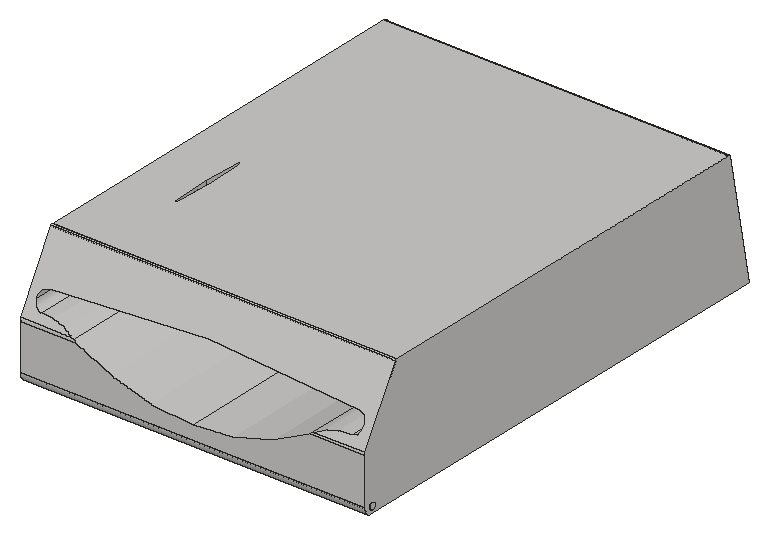
Revit family "Towel_Dispenser-Bradley_Corp-250-15", category Specialty Equipment, host Face, Revit 2012
Parameters
  Width = 11"
  Warranty Information = "Complete unit, excepting mirrors warranted for one year.\r\n Stainless steel mirror frames for fifteen years.\r\n Plate glass mirrors for fifteen years.\r\n This warranty does not cover installation or any other labor charges and does not apply to any units,\r\n which have been damaged by accident, abuse, improper installation, improper maintenance, or altered in any way."
  Version = "2.0"
  URL = "http://www.bradleycorp.com/"
  Type Comments = ""
  Specifications URL = "http://www.bradleycorp.com/3partspec"
  Product Tech Data URL - Spanish = "http://bradleycorp.com/download/186/8200es.pdf"
  Product Tech Data URL - French = "http://bradleycorp.com/download/187/8200fr.pdf"
  Product Tech Data URL - English = "http://bradleycorp.com/download/185/8200.pdf"
  OmniClass Table 23 Title = "Paper Towel Dispenser, Disposal Units"
  OmniClass Table 23 Number = "23-31 25 19 11"
  OmniClass Table 21 Title = "Toilet, Bath, and Laundry Accessories"
  OmniClass Table 21 Number = "21-03 10 90 40"
  Modeling Code = ""
  Model = "250-150000"
  MasterFormat Title = "Toilet Accessories"
  MasterFormat Number = "10 28 13. 13"
  Manufacturer = "Bradley Corporation"
  Industry Standards = ""
  Height = 15 5/16"
  Fire Rating = "n/a"
  Description = "Towel Dispenser"
  Depth = 4"
  Default Elevation = 48"
  Copyright = "This Model Data is Property of Bradley Corporation"
  Cabinet Material = Bradley Corp Stainless Steel - Satin
  Buy American Act = "Yes"
  Assembly Code = "C1030200"
  ADA Compliant = "Yes"
Reference planes (in)
  plane 1 "Center (Front/Back)": y = 0
  plane 2: z = 0
  plane 3 "Center (Left/Right)": x = 0
  plane 4 "Top": y = 7.65625
  plane 5 "Right": x = 5.5
  plane 6 "Bottom": y = -7.65625
  plane 7 "Left": x = -5.5
  plane 8 "Front": z = 4
  plane 9 "Center (Elevation)": y = -7.15625
Forms (in)
  Extrusion 1, solid, material "Bradley Corp Stainless Steel - Satin" <- "Cabinet Material", detail levels fine
    sketch origin (0, 0, 0) x (0, 1, 0) y (0, 0, 1)
      loop
        line (-7.65625, 1.7777) -> (-7.65625, 0.27979)
        arc (-7.65625, 0.27979) -> (-7.58465, 0.09219) -> (-7.40625, 0) r 0.28157
        line (-7.40625, 0) -> (7.65625, 0) -> (6.91846, 3.95088)
        arc (6.91846, 3.95088) -> (6.89775, 3.98612) -> (6.85931, 4) r 0.06017
        line (6.85931, 4) -> (-6.37054, 4)
        arc (-6.37054, 4) -> (-6.40322, 3.99122) -> (-6.42709, 3.96724) r 0.06517
        line (-6.42709, 3.96724) -> (-7.63383, 1.86192)
        arc (-7.63383, 1.86192) -> (-7.65055, 1.82128) -> (-7.65625, 1.7777) r 0.16935
    from -5.5 to 5.5
  Extrusion 2, solid, material "Bradley Corp Stainless Steel - Satin" <- "Cabinet Material", detail levels fine
    sketch origin (0, 0, 0) x (0, 1, 0) y (0, 0, 1)
      loop
        line (7.65625, 0) -> (6.91846, 3.95088)
        arc (6.91846, 3.95088) -> (6.89775, 3.98612) -> (6.85931, 4) r 0.06017
        line (6.85931, 4) -> (-6.37054, 4)
        arc (-6.37054, 4) -> (-6.40322, 3.99122) -> (-6.42709, 3.96724) r 0.06517
        line (-6.42709, 3.96724) -> (-7.63383, 1.86192)
        arc (-7.63383, 1.86192) -> (-7.65055, 1.82128) -> (-7.65625, 1.7777) r 0.16935
        line (-7.65625, 1.7777) -> (-7.65625, 0.27979)
        arc (-7.65625, 0.27979) -> (-7.58465, 0.09219) -> (-7.40625, 0) r 0.28157
        line (-7.40625, 0) -> (7.65625, 0)
    from -5.5 to -5.4375
  Extrusion 3, solid, material "Bradley Corp Stainless Steel - Satin" <- "Cabinet Material", detail levels fine
    sketch origin (0, 0, 0) x (0, 1, 0) y (0, 0, -1)
      loop
        line (7.65625, 0) -> (-7.40625, 0)
        arc (-7.40625, 0) -> (-7.58465, -0.09219) -> (-7.65625, -0.27979) r 0.28157
        line (-7.65625, -0.27979) -> (-7.65625, -1.7777)
        arc (-7.65625, -1.7777) -> (-7.65055, -1.82128) -> (-7.63383, -1.86192) r 0.16935
        line (-7.63383, -1.86192) -> (-6.42709, -3.96724)
        arc (-6.42709, -3.96724) -> (-6.40322, -3.99122) -> (-6.37054, -4) r 0.06517
        line (-6.37054, -4) -> (6.85931, -4)
        arc (6.85931, -4) -> (6.89775, -3.98612) -> (6.91846, -3.95088) r 0.06017
        line (6.91846, -3.95088) -> (7.65625, 0)
    from -5.5 to -5.4375
  Extrusion 4, void
    sketch origin (0, 0, 4) x (0, 1, 0) y (-1, 0, 0)
      loop
        line (-1.05362, 3.80507) -> (-2.30191, 3.87049) -> (-3.5502, 3.80507) -> (-3.5502, 3.7415) -> (-2.30191, 3.67608) -> (-1.05362, 3.7415) -> (-1.05362, 3.80507)
    from 0 to -2.09949
  Extrusion 5, void
    sketch origin (0, 0, 0) x (1, 0, 0) y (0, 0, 1)
      loop
        arc (-4.94168, 2.67169) -> (-5.13819, 2.59029) -> (-5.21958, 2.39379) r 0.2779
        arc (-5.21958, 2.39379) -> (-5.13754, 2.19665) -> (-4.94023, 2.11505) r 0.27935
        arc (-4.94023, 2.11505) -> (-4.35457, 2.05884) -> (-3.81331, 1.82821) r 1.92324
        arc (-3.81331, 1.82821) -> (-1.9829, 1.01561) -> (0, 0.73478) r 7.2501
        arc (0, 0.73478) -> (1.9829, 1.01561) -> (3.81331, 1.82821) r 7.2501
        arc (3.81331, 1.82821) -> (4.35457, 2.05884) -> (4.94023, 2.11505) r 1.92324
        arc (4.94023, 2.11505) -> (5.13754, 2.19665) -> (5.21958, 2.39379) r 0.27935
        arc (5.21958, 2.39379) -> (5.13819, 2.59029) -> (4.94168, 2.67169) r 0.2779
        arc (4.94168, 2.67169) -> (2.47125, 2.80719) -> (0, 2.92701) r 389.98549
        arc (0, 2.92701) -> (-2.47125, 2.80719) -> (-4.94168, 2.67169) r 389.98549
    from 3.96321 to 7.65625
  Extrusion 6, solid, material "Bradley Corp Stainless Steel - Satin" <- "Cabinet Material", detail levels fine
    sketch origin (0, 0, 0) x (0, 1, 0) y (0, 0, 1)
      loop
        circle (-7.41267, 0.2473) r 0.08928
    from 5.5 to 5.5625
  Extrusion 7, solid, material "Bradley Corp Stainless Steel - Satin" <- "Cabinet Material", detail levels fine
    sketch origin (0, 0, 0) x (0, 1, 0) y (0, 0, -1)
      loop
        circle (-7.41267, -0.2473) r 0.08928
    from 5.5 to 5.5625
  Extrusion 8, solid, material "Bradley Corp Stainless Steel - Satin" <- "Cabinet Material", detail levels coarse+medium
    sketch origin (0, 0, 0) x (0, 1, 0) y (0, 0, 1)
      loop
        line (7.65625, 0) -> (6.90928, 4) -> (-6.40831, 4) -> (-7.65625, 1.7777) -> (-7.65625, 0) -> (7.65625, 0)
    from -5.5 to 5.5
  Extrusion 9, solid, material "Paper - Bradley Corp - White", detail levels fine
    sketch origin (0, 0, 4) x (0, 1, 0) y (-1, 0, 0)
      loop
        line (-3.5502, 3.80507) -> (-3.5502, 3.7415) -> (-2.60659, 3.69205) -> (-2.60659, 3.85452) -> (-3.5502, 3.80507)
    from -2.09949 to -0.07416
Cuts and joins
  Extrusion 4, Extrusion 5 cuts Extrusion 1
  Extrusion 4, Extrusion 5 cuts Extrusion 2
  Extrusion 4, Extrusion 5 cuts Extrusion 3
  joined: Extrusion 1, Extrusion 2, Extrusion 3
Lines and regions (in)
  Masking region 1
    outline origin (0, 0, 4) x (0, 1, 0) y (-1, 0, 0)
      loop
        line (7.65625, 5.5) -> (-7.65625, 5.5) -> (-7.65625, -5.5) -> (7.65625, -5.5) -> (7.65625, 5.5)
  Masking region 2
    outline origin (0, 0, 0) x (0, 1, 0) y (0, 0, 1)
      loop
        line (6.90928, 4) -> (-6.37054, 4)
        arc (-6.37054, 4) -> (-6.40322, 3.99122) -> (-6.42709, 3.96724) r 0.06517
        line (-6.42709, 3.96724) -> (-7.63383, 1.86192)
        arc (-7.63383, 1.86192) -> (-7.65055, 1.82128) -> (-7.65625, 1.7777) r 0.16935
        line (-7.65625, 1.7777) -> (-7.65625, 0.27979)
        arc (-7.65625, 0.27979) -> (-7.58465, 0.09219) -> (-7.40625, 0) r 0.28157
        line (-7.40625, 0) -> (7.65625, 0) -> (6.90928, 4)
  Masking region 3
    outline origin (0, 0, 0) x (1, 0, 0) y (0, 0, 1)
      loop
        line (-5.5, 4) -> (-5.5, 0) -> (5.5, 0) -> (5.5, 4) -> (-5.5, 4)
  symbolic lines, style "SpecialityEquipment", detail levels medium+fine
    curve 1: line (-3.80507, -1.05362, 4) -> (-3.87049, -2.30191, 4)
    curve 2: line (-3.87049, -2.30191, 4) -> (-3.80507, -3.5502, 4)
    curve 3: line (-3.80507, -3.5502, 4) -> (-3.7415, -3.5502, 4)
    curve 4: line (-3.7415, -3.5502, 4) -> (-3.67608, -2.30191, 4)
    curve 5: line (-3.67608, -2.30191, 4) -> (-3.7415, -1.05362, 4)
    curve 6: line (-3.7415, -1.05362, 4) -> (-3.80507, -1.05362, 4)
  symbolic lines
    curve 7: line (-5.5, 6.91846, 4) -> (5.5, 6.91846, 4)
    curve 8: line (-5.5, -6.42709, 4) -> (5.5, -6.42709, 4)
  symbolic lines, detail levels medium+fine
    curve 9: spline (-4.95582, -7.16954, 4) -> (-4.54331, -7.15594, 4) -> (-4.13076, -7.14259, 4) -> (-3.71818, -7.12949, 4) -> (-3.30556, -7.11664, 4) -> (-2.89292, -7.10404, 4) -> (-2.48024, -7.0917, 4) -> (-2.06754, -7.0796, 4) -> (-1.6548, -7.06775, 4) -> (-1.24204, -7.05615, 4) -> (-0.82925, -7.04481, 4) -> (-0.41643, -7.03371, 4) -> (-0.00358, -7.02286, 4)
    curve 10: spline (-0.00358, -7.02286, 4) -> (0.40819, -7.03368, 4) -> (0.81995, -7.04475, 4) -> (1.23167, -7.05606, 4) -> (1.64337, -7.06763, 4) -> (2.05503, -7.07944, 4) -> (2.46667, -7.09151, 4) -> (2.87828, -7.10382, 4) -> (3.28986, -7.11638, 4) -> (3.70141, -7.12919, 4) -> (4.11292, -7.14225, 4) -> (4.5244, -7.15556, 4) -> (4.93585, -7.16912, 4)
    curve 11: spline (4.93585, -7.16912, 4) -> (4.97517, -7.17168, 4) -> (5.01346, -7.17678, 4) -> (5.05008, -7.18432, 4) -> (5.08438, -7.19418, 4) -> (5.11578, -7.20618, 4) -> (5.14374, -7.22012, 4) -> (5.16776, -7.23575, 4) -> (5.18745, -7.25281, 4) -> (5.20244, -7.271, 4) -> (5.2125, -7.29001, 4) -> (5.21744, -7.30951, 4) -> (5.21718, -7.32916, 4)
    curve 12: spline (5.21718, -7.32916, 4) -> (5.21746, -7.34811, 4) -> (5.21295, -7.36692, 4) -> (5.20373, -7.38531, 4) -> (5.18993, -7.40298, 4) -> (5.17179, -7.41964, 4) -> (5.14958, -7.43504, 4) -> (5.12365, -7.44894, 4) -> (5.09443, -7.4611, 4) -> (5.06236, -7.47135, 4) -> (5.02796, -7.47951, 4) -> (4.99177, -7.48547, 4) -> (4.95436, -7.48912, 4)
    curve 13: spline (4.95436, -7.48912, 4) -> (4.85941, -7.48713, 4) -> (4.76437, -7.48775, 4) -> (4.66955, -7.49097, 4) -> (4.57523, -7.49679, 4) -> (4.4817, -7.50518, 4) -> (4.38924, -7.51613, 4) -> (4.29814, -7.52959, 4) -> (4.20866, -7.54553, 4) -> (4.12109, -7.5639, 4) -> (4.03569, -7.58464, 4) -> (3.95272, -7.60769, 4) -> (3.87243, -7.63299, 4)
    curve 14: line (5.4375, -7.63386, 4) -> (5.5, -7.63386, 4)
    curve 15: line (5.5, -7.63386, 4) -> (5.5, -6.42709, 4)
    curve 16: line (5.5, -6.42709, 4) -> (5.4375, -6.42709, 4)
    curve 17: line (5.4375, -6.42709, 4) -> (-5.4375, -6.42709, 4)
    curve 18: line (-5.4375, -6.42709, 4) -> (-5.5, -6.42709, 4)
    curve 19: line (-5.5, -6.42709, 4) -> (-5.5, -7.63378, 4)
    curve 20: line (-5.5, -7.63378, 4) -> (-5.4375, -7.63378, 4)
    curve 21: spline (-3.87164, -7.63317, 4) -> (-3.95188, -7.60787, 4) -> (-4.03481, -7.5848, 4) -> (-4.12017, -7.56405, 4) -> (-4.2077, -7.54567, 4) -> (-4.29714, -7.52971, 4) -> (-4.3882, -7.51623, 4) -> (-4.48062, -7.50527, 4) -> (-4.57412, -7.49685, 4) -> (-4.66841, -7.49101, 4) -> (-4.7632, -7.48777, 4) -> (-4.8582, -7.48713, 4) -> (-4.95314, -7.48909, 4)
    curve 22: spline (-4.95314, -7.48909, 4) -> (-4.99022, -7.48539, 4) -> (-5.02609, -7.47939, 4) -> (-5.06017, -7.47118, 4) -> (-5.09192, -7.46089, 4) -> (-5.12085, -7.44869, 4) -> (-5.1465, -7.43477, 4) -> (-5.16847, -7.41934, 4) -> (-5.1864, -7.40266, 4) -> (-5.20001, -7.38498, 4) -> (-5.20909, -7.36658, 4) -> (-5.2135, -7.34776, 4) -> (-5.21317, -7.32881, 4)
    curve 23: spline (-5.21317, -7.32881, 4) -> (-5.21353, -7.31012, 4) -> (-5.20921, -7.29156, 4) -> (-5.20027, -7.2734, 4) -> (-5.18685, -7.25593, 4) -> (-5.16916, -7.23943, 4) -> (-5.14747, -7.22415, 4) -> (-5.12212, -7.21032, 4) -> (-5.0935, -7.19816, 4) -> (-5.06205, -7.18786, 4) -> (-5.02827, -7.17958, 4) -> (-4.99268, -7.17344, 4) -> (-4.95582, -7.16954, 4)
    curve 24: spline (-3.81509, -7.6482, 4) -> (-3.81982, -7.64724, 4) -> (-3.82454, -7.64623, 4) -> (-3.82927, -7.64516, 4) -> (-3.83399, -7.64404, 4) -> (-3.83871, -7.64287, 4) -> (-3.84342, -7.64164, 4) -> (-3.84813, -7.64036, 4) -> (-3.85284, -7.63903, 4) -> (-3.85755, -7.63764, 4) -> (-3.86225, -7.6362, 4) -> (-3.86695, -7.63471, 4) -> (-3.87164, -7.63317, 4)
    curve 25: spline (-3.73088, -7.65625, 4) -> (-3.73797, -7.6562, 4) -> (-3.74506, -7.65604, 4) -> (-3.75213, -7.65577, 4) -> (-3.75919, -7.65538, 4) -> (-3.76623, -7.65488, 4) -> (-3.77327, -7.65427, 4) -> (-3.78028, -7.65354, 4) -> (-3.78729, -7.6527, 4) -> (-3.79427, -7.65174, 4) -> (-3.80123, -7.65067, 4) -> (-3.80817, -7.64949, 4) -> (-3.81509, -7.6482, 4)
    curve 26: spline (3.87243, -7.63299, 4) -> (3.87039, -7.63366, 4) -> (3.86834, -7.63433, 4) -> (3.86629, -7.63499, 4) -> (3.86425, -7.63564, 4) -> (3.8622, -7.63628, 4) -> (3.86015, -7.63691, 4) -> (3.85811, -7.63753, 4) -> (3.85606, -7.63814, 4) -> (3.85401, -7.63874, 4) -> (3.85196, -7.63934, 4) -> (3.84991, -7.63992, 4) -> (3.84786, -7.64049, 4)
    curve 27: spline (3.84786, -7.64049, 4) -> (3.83829, -7.64302, 4) -> (3.82867, -7.64533, 4) -> (3.81901, -7.64742, 4) -> (3.80932, -7.64929, 4) -> (3.79959, -7.65094, 4) -> (3.78983, -7.65237, 4) -> (3.78005, -7.65357, 4) -> (3.77025, -7.65455, 4) -> (3.76042, -7.65531, 4) -> (3.75059, -7.65585, 4) -> (3.74074, -7.65616, 4) -> (3.73088, -7.65625, 4)
    curve 28: spline (4.94024, -7.48865, 4) -> (4.84616, -7.48706, 4) -> (4.75204, -7.48802, 4) -> (4.65818, -7.49153, 4) -> (4.56483, -7.49759, 4) -> (4.4723, -7.50617, 4) -> (4.38084, -7.51726, 4) -> (4.29074, -7.53081, 4) -> (4.20226, -7.54678, 4) -> (4.11566, -7.56514, 4) -> (4.03121, -7.58582, 4) -> (3.94916, -7.60876, 4) -> (3.86974, -7.6339, 4)
    curve 32: spline (-0.4375, 7.31678, 4) -> (-0.42259, 7.33756, 4) -> (-0.37889, 7.35693, 4) -> (-0.30936, 7.37357, 4) -> (-0.21875, 7.38633, 4) -> (-0.11323, 7.39435, 4) -> (0, 7.39709, 4) -> (0.11323, 7.39435, 4) -> (0.21875, 7.38633, 4) -> (0.30936, 7.37357, 4) -> (0.37889, 7.35693, 4) -> (0.42259, 7.33756, 4) -> (0.4375, 7.31678, 4) -> (0.42259, 7.29599, 4) -> (0.37889, 7.27662, 4) -> (0.30936, 7.25999, 4) -> (0.21875, 7.24723, 4) -> (0.11323, 7.2392, 4) -> (0, 7.23647, 4) -> (-0.11323, 7.2392, 4) -> (-0.21875, 7.24723, 4) -> (-0.30936, 7.25999, 4) -> (-0.37889, 7.27662, 4) -> (-0.42259, 7.29599, 4) -> (-0.4375, 7.31678, 4)
  model lines, style "SpecialityEquipment", detail levels medium+fine
    curve 29: spline (0.4375, 7.31678, 4) -> (0.42259, 7.33756, 4) -> (0.37889, 7.35693, 4) -> (0.30936, 7.37357, 4) -> (0.21875, 7.38633, 4) -> (0.11323, 7.39435, 4) -> (0, 7.39709, 4) -> (-0.11323, 7.39435, 4) -> (-0.21875, 7.38633, 4) -> (-0.30936, 7.37357, 4) -> (-0.37889, 7.35693, 4) -> (-0.42259, 7.33756, 4) -> (-0.4375, 7.31678, 4) -> (-0.42259, 7.29599, 4) -> (-0.37889, 7.27662, 4) -> (-0.30936, 7.25999, 4) -> (-0.21875, 7.24723, 4) -> (-0.11323, 7.2392, 4) -> (0, 7.23647, 4) -> (0.11323, 7.2392, 4) -> (0.21875, 7.24723, 4) -> (0.30936, 7.25999, 4) -> (0.37889, 7.27662, 4) -> (0.42259, 7.29599, 4) -> (0.4375, 7.31678, 4)
  model lines, style "SpecialityEquipment", detail levels fine
    curve 30: spline (0.23438, 7.31678, 4) -> (0.22639, 7.32791, 4) -> (0.20297, 7.33829, 4) -> (0.16573, 7.3472, 4) -> (0.11719, 7.35404, 4) -> (0.06066, 7.35834, 4) -> (0, 7.3598, 4) -> (-0.06066, 7.35834, 4) -> (-0.11719, 7.35404, 4) -> (-0.16573, 7.3472, 4) -> (-0.20297, 7.33829, 4) -> (-0.22639, 7.32791, 4) -> (-0.23437, 7.31678, 4) -> (-0.22639, 7.30564, 4) -> (-0.20297, 7.29527, 4) -> (-0.16573, 7.28636, 4) -> (-0.11719, 7.27952, 4) -> (-0.06066, 7.27522, 4) -> (0, 7.27375, 4) -> (0.06066, 7.27522, 4) -> (0.11719, 7.27952, 4) -> (0.16573, 7.28636, 4) -> (0.20297, 7.29527, 4) -> (0.22639, 7.30564, 4) -> (0.23438, 7.31678, 4)
  symbolic lines, detail levels fine
    curve 31: spline (-0.23437, 7.31678, 4) -> (-0.22639, 7.32788, 4) -> (-0.20297, 7.33823, 4) -> (-0.16573, 7.34711, 4) -> (-0.11719, 7.35393, 4) -> (-0.06066, 7.35822, 4) -> (0, 7.35968, 4) -> (0.06066, 7.35822, 4) -> (0.11719, 7.35393, 4) -> (0.16573, 7.34711, 4) -> (0.20297, 7.33823, 4) -> (0.22639, 7.32788, 4) -> (0.23438, 7.31678, 4) -> (0.22639, 7.30568, 4) -> (0.20297, 7.29533, 4) -> (0.16573, 7.28644, 4) -> (0.11719, 7.27963, 4) -> (0.06066, 7.27534, 4) -> (0, 7.27388, 4) -> (-0.06066, 7.27534, 4) -> (-0.11719, 7.27963, 4) -> (-0.16573, 7.28644, 4) -> (-0.20297, 7.29533, 4) -> (-0.22639, 7.30568, 4) -> (-0.23437, 7.31678, 4)
Dimensions and locks (in)
  "Height": plane 6 "Bottom" to plane 4 "Top"
  equal spacing: plane 6 "Bottom", plane 1 "Center (Front/Back)", plane 4 "Top"
  "Width": plane 7 "Left" to plane 5 "Right"
  equal spacing: plane 7 "Left", plane 3 "Center (Left/Right)", plane 5 "Right"
  "Depth": plane 8 "Front" to plane 2
  locked: plane 7 "Left" to Extrusion 2 at 0.0625
  Extrusion 3 to plane 5 "Right" = 1/16"
  locked: plane 9 "Center (Elevation)" to plane 6 "Bottom" at 0.5
  aligned and locked: plane 2 to host face
  aligned and locked: level to host face
  aligned and locked: Extrusion 1 sketch curve to plane 6 "Bottom"
  aligned and locked: plane 7 "Left" to Extrusion 2
  aligned and locked: plane 5 "Right" to Extrusion 3
  aligned and locked: plane 7 "Left" to Extrusion 1
  aligned and locked: plane 5 "Right" to Extrusion 1
  aligned and locked: Extrusion 4 to plane 8 "Front"
  aligned and locked: plane 6 "Bottom" to Extrusion 5
  aligned and locked: Extrusion 6 to plane 5 "Right"
  aligned and locked: Extrusion 7 to plane 7 "Left"
  aligned and locked: plane 7 "Left" to Extrusion 8
  aligned and locked: plane 5 "Right" to Extrusion 8
  aligned and locked: Masking region 1 sketch curve to Extrusion 8
  aligned and locked: Masking region 1 sketch curve to cut or joined group of Extrusion 1, Extrusion 2, Extrusion 3, Extrusion 4, Extrusion 5  (x3)
  aligned and locked: Masking region 2 sketch curve to Extrusion 8  (x2)
  aligned and locked: Extrusion 8 to Masking region 2 sketch curve
  aligned and locked: Masking region 2 sketch curve to cut or joined group of Extrusion 1, Extrusion 2, Extrusion 3, Extrusion 4, Extrusion 5  (x3)
  aligned and locked: Masking region 3 sketch curve to cut or joined group of Extrusion 1, Extrusion 2, Extrusion 3, Extrusion 4, Extrusion 5  (x4)
Automatic sketch dimensions
  host sketch curve to host sketch curve = 15.23875"
  host sketch curve to host sketch curve = 21.33425"
  Extrusion 1 sketch curve to level = 0"
  Extrusion 1 sketch curve to plane 8 "Front" = 0"
  Extrusion 1 sketch curve to plane 4 "Top" = 0"
  Extrusion 1 sketch curve to plane 6 "Bottom" = 0.02242"
  Extrusion 1 sketch curve to Extrusion 1 sketch curve = 0.14693"
  Extrusion 1 sketch curve to plane 6 "Bottom" = 1/4"
  Extrusion 1 sketch curve to plane 9 "Center (Elevation)" = 0.21843"
  Extrusion 1 sketch curve to plane 8 "Front" = 0.03276"
  plane 9 "Center (Elevation)" to Extrusion 1 sketch curve = 0.72916"
  Extrusion 1 sketch curve to Extrusion 1 sketch curve = 0.05654"
  Extrusion 1 sketch curve to plane 8 "Front" = 0.04912"
  Extrusion 1 sketch curve to Extrusion 1 sketch curve = 0.05914"
  Extrusion 1 sketch curve to Extrusion 1 sketch curve = 1.49791"
  Extrusion 2 sketch curve to plane 6 "Bottom" = 0"
  Extrusion 2 sketch curve to level = 0"
  Extrusion 2 sketch curve to plane 8 "Front" = 0"
  Extrusion 2 sketch curve to plane 4 "Top" = 0"
  Extrusion 2 sketch curve to plane 6 "Bottom" = 0.02242"
  Extrusion 2 sketch curve to plane 6 "Bottom" = 0.16935"
  Extrusion 2 sketch curve to plane 6 "Bottom" = 1/4"
  Extrusion 2 sketch curve to plane 9 "Center (Elevation)" = 0.21843"
  Extrusion 2 sketch curve to plane 8 "Front" = 0.03276"
  plane 9 "Center (Elevation)" to Extrusion 2 sketch curve = 0.72916"
  Extrusion 2 sketch curve to Extrusion 2 sketch curve = 0.05654"
  Extrusion 2 sketch curve to plane 4 "Top" = 0.79694"
  Extrusion 2 sketch curve to plane 8 "Front" = 0.04912"
  Extrusion 2 sketch curve to Extrusion 2 sketch curve = 0.05914"
  Extrusion 2 sketch curve to Extrusion 2 sketch curve = 1.49791"
  Extrusion 3 sketch curve to plane 6 "Bottom" = 0"
  Extrusion 3 sketch curve to level = 0"
  Extrusion 3 sketch curve to plane 8 "Front" = 0"
  Extrusion 3 sketch curve to plane 4 "Top" = 0"
  Extrusion 3 sketch curve to plane 6 "Bottom" = 0.02242"
  Extrusion 3 sketch curve to plane 6 "Bottom" = 0.16935"
  Extrusion 3 sketch curve to plane 6 "Bottom" = 1/4"
  Extrusion 3 sketch curve to plane 9 "Center (Elevation)" = 0.21843"
  Extrusion 3 sketch curve to plane 8 "Front" = 0.03276"
  plane 9 "Center (Elevation)" to Extrusion 3 sketch curve = 0.72916"
  Extrusion 3 sketch curve to Extrusion 3 sketch curve = 0.05654"
  Extrusion 3 sketch curve to plane 4 "Top" = 0.79694"
  Extrusion 3 sketch curve to plane 8 "Front" = 0.04912"
  Extrusion 3 sketch curve to Extrusion 3 sketch curve = 0.05914"
  Extrusion 3 sketch curve to Extrusion 3 sketch curve = 1.58213"
  Extrusion 4 sketch curve to plane 7 "Left" = 1.7585"  (x2)
  plane 1 "Center (Front/Back)" to Extrusion 4 sketch curve = 3.5502"
  Extrusion 4 sketch curve to Extrusion 4 sketch curve = 1.24829"
  Extrusion 4 sketch curve to Extrusion 4 sketch curve = 0"
  plane 1 "Center (Front/Back)" to Extrusion 4 sketch curve = 1.05362"
  Extrusion 4 sketch curve to Extrusion 4 sketch curve = 0.06542"
  Extrusion 4 sketch curve to Extrusion 4 sketch curve = 0.06357"  (x2)
  Extrusion 4 sketch curve to Extrusion 4 sketch curve = 0.19441"
  Extrusion 5 sketch curve to plane 3 "Center (Left/Right)" = 0"  (x2)
  Extrusion 5 sketch curve to plane 3 "Center (Left/Right)" = 0.01547"
  Extrusion 5 sketch curve to plane 7 "Left" = 1.68669"
  Extrusion 5 sketch curve to Extrusion 5 sketch curve = 0"  (x3)
  level to Extrusion 5 sketch curve = 0.19503"  (x2)
  Extrusion 5 sketch curve to plane 7 "Left" = 0.67102"
  Extrusion 5 sketch curve to plane 7 "Left" = 0.55977"
  Extrusion 5 sketch curve to Extrusion 5 sketch curve = 0.00146"  (x2)
  Extrusion 5 sketch curve to Extrusion 5 sketch curve = 0.2779"  (x2)
  plane 7 "Left" to Extrusion 5 sketch curve = 12.15133"
  plane 3 "Center (Left/Right)" to Extrusion 5 sketch curve = 0.01547"
  Extrusion 5 sketch curve to plane 5 "Right" = 1.68669"
  Extrusion 5 sketch curve to plane 5 "Right" = 0.67102"
  Extrusion 5 sketch curve to plane 5 "Right" = 0.55977"
  plane 5 "Right" to Extrusion 5 sketch curve = 12.15133"
  Extrusion 5 sketch curve to level = 386.65881"
  level to Extrusion 5 sketch curve = 0.73478"
  Extrusion 5 sketch curve to Extrusion 5 sketch curve = 0.27874"
  Extrusion 6 sketch curve to plane 6 "Bottom" = 0.24358"
  level to Extrusion 6 sketch curve = 0.2473"
  Extrusion 7 sketch curve to plane 6 "Bottom" = 0.24358"
  level to Extrusion 7 sketch curve = 0.2473"
  Extrusion 8 sketch curve to plane 6 "Bottom" = 0"
  Extrusion 8 sketch curve to plane 8 "Front" = 0"
  Extrusion 8 sketch curve to plane 4 "Top" = 0"
  Extrusion 8 sketch curve to level = 0"
  plane 9 "Center (Elevation)" to Extrusion 8 sketch curve = 0.74794"
  Extrusion 8 sketch curve to plane 4 "Top" = 0.74697"
  level to Extrusion 8 sketch curve = 1.7777"
  Extrusion 1 sketch curve to plane 4 "Top" = 0.79694"
  plane 1 "Center (Front/Back)" to Extrusion 9 sketch curve = 3.5502"
  Extrusion 9 sketch curve to plane 7 "Left" = 1.7585"
  Extrusion 9 sketch curve to plane 7 "Left" = 1.69493"
  Extrusion 9 sketch curve to Extrusion 9 sketch curve = 0.94361"
  Extrusion 9 sketch curve to Extrusion 9 sketch curve = 0.04945"
  Extrusion 9 sketch curve to Extrusion 9 sketch curve = 0.16247"
  Masking region 2 sketch curve to plane 6 "Bottom" = 0.02242"
  Masking region 2 sketch curve to plane 8 "Front" = 0.03276"
  curve 14 to plane 5 "Right" = 0"
  curve 20 to plane 7 "Left" = 0"
  curve 7 to plane 7 "Left" = 0"
  curve 7 to plane 5 "Right" = 0"
  curve 30 to plane 3 "Center (Left/Right)" = 0"
  curve 29 to plane 3 "Center (Left/Right)" = 0"
  curve 31 to plane 3 "Center (Left/Right)" = 0"
  curve 32 to plane 3 "Center (Left/Right)" = 0"
  plane 6 "Bottom" to curve 9 = 167.61429"
  plane 6 "Bottom" to curve 10 = 167.61429"
  plane 6 "Bottom" to curve 21 = 0.68781"
  plane 6 "Bottom" to curve 28 = 0.68781"
  curve 28 to curve 13 = 0"
  plane 6 "Bottom" to curve 27 = 0"
  curve 25 to plane 6 "Bottom" = 0"
  curve 27 to plane 6 "Bottom" = 0.00093"
  curve 24 to plane 6 "Bottom" = 0.00805"
  curve 25 to plane 6 "Bottom" = 0.01281"
  curve 26 to plane 6 "Bottom" = 0.01576"
  curve 28 to plane 6 "Bottom" = 0.02235"
  curve 14 to plane 6 "Bottom" = 0.02239"
  curve 20 to plane 6 "Bottom" = 0.02247"
  curve 24 to plane 6 "Bottom" = 0.02308"
  curve 28 to curve 26 = 0.00091"
  curve 24 to plane 6 "Bottom" = 0.03224"
  curve 26 to plane 6 "Bottom" = 0.04356"
  curve 12 to plane 6 "Bottom" = 0.16713"
  curve 21 to plane 6 "Bottom" = 0.16716"
  curve 13 to curve 28 = 0.00047"
  curve 28 to curve 12 = 0.14893"
  curve 22 to plane 9 "Center (Elevation)" = 0.18338"
  curve 12 to curve 11 = 0.01057"
  curve 22 to curve 22 = 0.01081"
  curve 12 to curve 11 = 0.02137"
  curve 22 to curve 23 = 0.01079"
  curve 23 to plane 9 "Center (Elevation)" = 0.01329"
  curve 10 to plane 9 "Center (Elevation)" = 0.01287"
  plane 9 "Center (Elevation)" to curve 26 = 0.03787"
  plane 9 "Center (Elevation)" to curve 24 = 0.04732"
  plane 9 "Center (Elevation)" to curve 25 = 0.09029"
  plane 9 "Center (Elevation)" to curve 27 = 0.09478"
  curve 10 to plane 3 "Center (Left/Right)" = 0.00358"
  curve 21 to curve 10 = 1.3212"
  plane 9 "Center (Elevation)" to curve 8 = 0.72916"
  curve 2 to plane 7 "Left" = 1.69493"
  curve 17 to curve 2 = 2.87689"
  curve 3 to curve 5 = 1.24829"
  curve 1 to curve 4 = 0"
  plane 1 "Center (Front/Back)" to curve 6 = 1.05362"
  curve 7 to plane 4 "Top" = 0.73779"
  curve 32 to plane 4 "Top" = 0.33947"
  curve 30 to curve 29 = 0"
  curve 31 to curve 30 = 0"
  plane 5 "Right" to curve 13 = 1.05783"
  curve 28 to curve 13 = 0.00002"
  plane 5 "Right" to curve 9 = 12.1628"
  curve 10 to curve 9 = 303.45804"
  curve 17 to plane 5 "Right" = 1/16"
  curve 14 to plane 5 "Right" = 1/16"
  curve 11 to plane 5 "Right" = 0.28203"
  curve 11 to curve 12 = 0.00004"
  curve 12 to curve 12 = 0.00075"
  curve 12 to curve 12 = 0.26356"
  curve 13 to curve 28 = 0.01413"
  curve 10 to curve 12 = 0.02104"
  curve 28 to plane 5 "Right" = 0.66554"
  curve 28 to curve 13 = 0.00003"
  curve 28 to curve 27 = 0.02188"
  curve 26 to curve 27 = 0.08754"
  plane 3 "Center (Left/Right)" to curve 29 = 7/16"
  curve 29 to curve 30 = 13/64"
  curve 30 to curve 31 = 15/64"
  curve 31 to curve 32 = 13/64"
  curve 21 to plane 7 "Left" = 2.38917"
  curve 21 to curve 24 = 0.46996"
  curve 5 to curve 2 = 0.12899"
  curve 25 to curve 24 = 0.11844"
  curve 25 to curve 25 = 0.10566"
  curve 4 to curve 2 = 0.06357"
  curve 4 to curve 6 = 0.06542"
  curve 5 to curve 6 = 0.06357"
  curve 4 to curve 2 = 0.19441"
  curve 21 to curve 19 = 0.6659"
  curve 23 to curve 22 = 0.04184"
  curve 23 to curve 22 = 0.00173"
  curve 23 to curve 9 = 0.04452"
  curve 22 to plane 7 "Left" = 0.28683"
  curve 18 to plane 7 "Left" = 1/16"
  curve 20 to plane 7 "Left" = 1/16"
  curve 29 to curve 32 = 0"
  radius of Extrusion 6 sketch curve = 0.08928"
  radius of Extrusion 7 sketch curve = 0.08928"
